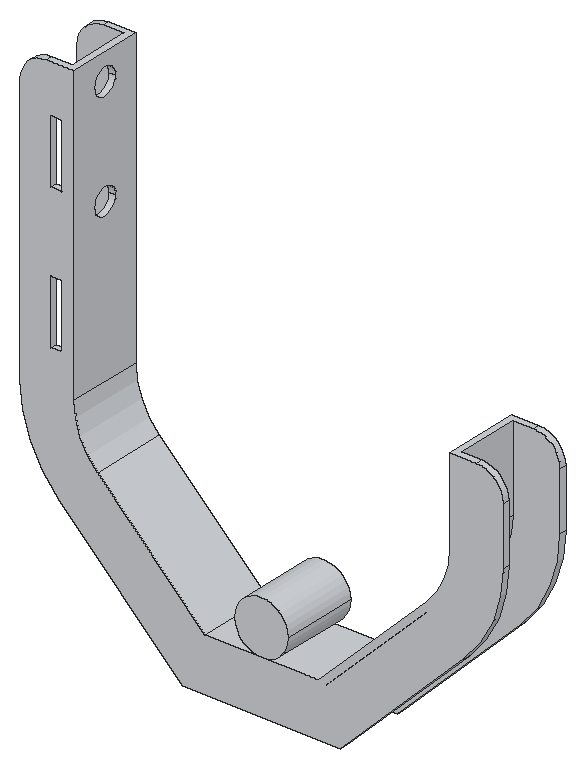
Revit family
Parameters
  URL = "www.siouxchief.com"
  Model = "521-723B"
  Manufacturer = "Sioux Chief Manufacturing"
  Keynote = "Commercial Chase Bracket"
  Description = "Commercial Chase Bracket"
Reference planes (in)
  plane 1 "Center (Front/Back)": y = 0
  plane 2: z = 0
  plane 3 "Center (Left/Right)": x = 0
Forms (in)
  Sweep 1, solid
    path origin (-1.74985, -0.00531, -17.375) x (0, 0, 1) y (-1, 0, 0)
      loop
        line (25.11806, 0) -> (22.36816, 0)
        arc (22.36816, 0) -> (22.08111, -0.0571) -> (21.83776, -0.2197) r 0.7501
        line (21.83776, -0.2197) -> (20.83796, -1.2195) -> (20.83796, -2.2802) -> (21.83776, -3.28)
        arc (21.83776, -3.28) -> (22.08111, -3.4426) -> (22.36816, -3.4997) r 0.7501
        line (22.36816, -3.4997) -> (23.15716, -3.4997)
    profile origin (-1.74985, -0.00531, 6.36811) x (0, -1, 0) y (1, 0, 0)
      loop
        line (-0.359, 0) -> (-0.359, -0.5) -> (-0.299, -0.5) -> (-0.299, -0.06) -> (0.299, -0.06) -> (0.299, -0.5) -> (0.359, -0.5) -> (0.359, 0) -> (-0.359, 0)
  Extrusion 2, void
    sketch origin (2.29588, -0.75, -1.9609) x (0, 0, 1) y (-1, 0, 0)
      loop
        line (7.74306, 0.04603) -> (7.74306, 0.29603)
        arc (7.74306, 0.29603) -> (7.66983, 0.11925) -> (7.49306, 0.04603) r 0.25
        line (7.49306, 0.04603) -> (7.74306, 0.04603)
    from -1.22856 to -0.23725
  Extrusion 3, void
    sketch origin (-2.29588, -0.75, 0) x (0, 0, 1) y (-1, 0, 0)
      loop
        line (7.74306, -0.04603) -> (7.49306, -0.04603)
        arc (7.49306, -0.04603) -> (7.66983, -0.11925) -> (7.74306, -0.29603) r 0.25
        line (7.74306, -0.29603) -> (7.74306, -0.04603)
    from -1.22856 to -0.23725
  Extrusion 4, void
    sketch origin (-2.34405, -0.75, 0.05) x (0, 0, 1) y (-1, 0, 0)
      loop
        line (7.24348, -0.47897) -> (7.24348, -0.37807) -> (6.64348, -0.37807) -> (6.64348, -0.47897) -> (7.24348, -0.47897)
    from -1.10369 to -0.38569
  Extrusion 5, void
    sketch origin (-2.34405, -0.75, -1.288) x (0, 0, 1) y (-1, 0, 0)
      loop
        line (7.24348, -0.47897) -> (7.24348, -0.37807) -> (6.64348, -0.37807) -> (6.64348, -0.47897) -> (7.24348, -0.47897)
    from -1.10369 to -0.38569
  Extrusion 6, void
    sketch origin (-2.29505, 0, 0) x (0, 1, 0) y (0, 0, 1)
      loop
        circle (-0.00531, 7.49306) r 0.125
    from 0.4852 to 0.5452
  Extrusion 7, void
    sketch origin (-2.29505, 0, -1) x (0, 1, 0) y (0, 0, 1)
      loop
        circle (-0.00531, 7.49306) r 0.125
    from 0.4852 to 0.5452
  Extrusion 8, solid
    sketch origin (0, -0.75, -0.14063) x (0, 0, 1) y (-1, 0, 0)
      loop
        circle (3.85184, 0) r 0.25
    from -1.10369 to -0.38569
Cuts and joins
  Extrusion 2, Extrusion 3, Extrusion 4, Extrusion 5, Extrusion 6, Extrusion 7 cuts Sweep 1
Dimensions and locks (in)
  aligned and locked: plane 2 to level
  aligned and locked: cut or joined group of Sweep 1, Extrusion 2, Extrusion 3, Extrusion 4, Extrusion 5, Extrusion 6, Extrusion 7 to Extrusion 8  (x2)
Connectors (in)
  piping at (0, 0.35369, 3.71121)
    settings: on Extrusion 8, index 1, connector radius 1/4", flow factor 0, pipe flow 0 GPM, pressure drop 0.00 psi, fitting loss kfactor 0, connector angle 0.00°, fixture units 0, flow configuration 0, flow direction 0, fitting loss method 0, system type 22, connector reference index -1, connector utility 0, adjustable connector no, is connector primary yes, fitting loss table "", connector description ""
  piping at (0, -0.36431, 3.71121)
    settings: on Extrusion 8, index 2, connector radius 1/4", flow factor 0, pipe flow 0 GPM, pressure drop 0.00 psi, fitting loss kfactor 0, connector angle 0.00°, fixture units 0, flow configuration 0, flow direction 0, fitting loss method 0, system type 22, connector reference index -1, connector utility 0, adjustable connector no, is connector primary no, fitting loss table "", connector description ""
